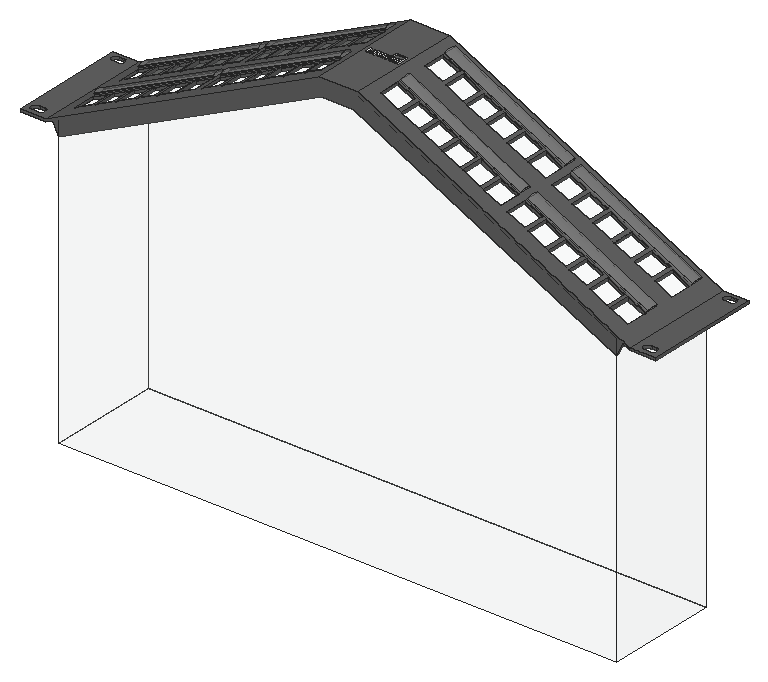
Revit family "1", category Data Devices, host Face, Revit 2018
Family settings
  Host = Face
  Maintain Annotation Orientation = Yes
  Round Connector Dimension = Use Diameter
  Part Type = Normal
  OmniClass Number = 23.85.50.17
  OmniClass Title = Communication and Data Processing Equipment
  Cut with Voids When Loaded = No
  Shared = Yes
  Room Calculation Point = No
Parameters (values of type "2RU, 48-Port, with Lens")
  z Void Offset = 0.00000"
  z Offset 2 = 0.50000"  # constant formula
  z Offset 1 = z Depth  # 0.05980"
  z 2RU with Screen = and(z Is Visible 2RU, not(Has ID Windows))  # no
  z 1RU with Screen = and(z Has 24 Ports, not(Has ID Windows))  # no
  z 1 Y Offset 5 = if(and(z Leviton Type = 222, Has ID Windows), 1.50000", 0.45000")  # 1.50000"
  z 2RU with Lens = z Leviton Type = 222  # yes
  z 1RU with Lens = z Leviton Type = 112  # no
  z Leviton Type = 222
  z Is Visible 2RU = or(z Leviton Type = 220, z Leviton Type = 221, z Leviton Type = 222)  # yes
  z Height = if(or(z Leviton Type = 220, z Leviton Type = 221, z Leviton Type = 222), 3.47500", 1.72500")  # 3.47500"
  z Has 48 Ports 1RU = z Leviton Type = 120  # no
  z Has 48 Ports = and(or(z Leviton Type = 220, z Leviton Type = 221, z Leviton Type = 222))  # yes
  z Has 24 Ports = and(or(z Leviton Type = 110, z Leviton Type = 111, z Leviton Type = 112))  # no
  z Depth = 0.05980"  # constant formula
  z 1 Y Offset 4 = if(or(z Leviton Type = 110, z Leviton Type = 111, z Leviton Type = 112), 0.16000", 18.00000")  # 18.00000"
  z 1 Y Offset 3 = if(or(z Leviton Type = 110, z Leviton Type = 111, z Leviton Type = 112), 18.00000", if(z Leviton Type = 120, 1.01910", if(or(z Leviton Type = 220, z Leviton Type = 221, z Leviton Type = 222), 2.30700", 0.00000")))  # 2.30700"
  z 1 Y Offset 2 = if(or(z Leviton Type = 110, z Leviton Type = 111, z Leviton Type = 112), 18.00000", if(z Leviton Type = 120, 1.01910", if(or(z Leviton Type = 220, z Leviton Type = 221, z Leviton Type = 222), 2.30700", 0.00000")))  # 2.30700"
  z 1 Y Offset 1 = if(or(z Leviton Type = 110, z Leviton Type = 111, z Leviton Type = 112), 0.60000", if(z Leviton Type = 120, 0.20590", if(or(z Leviton Type = 220, z Leviton Type = 221, z Leviton Type = 222), 0.63900", 0.00000")))  # 0.63900"
  Width [instance] = 19.00000"  # constant formula
  Weight [instance] = 0.00 lbf
  URL = "http://www.leviton.com/networksolutions"
  UPC Code [instance] = ""
  Type Comments = " "
  Technical Support Phone Number = "1-800-824-3005"  # constant formula
  Shielded = or(z Leviton Type = 111, z Leviton Type = 221)  # no
  Serial Number [instance] = ""
  Rack Spaces RU = 2
  Product Documentation Link = "Leviton_49256-Hxx_49256-Dxx_49256-Lxx_Angled_QuickPort_Patch_Panels.pdf"
  Port Count [instance] = 0
  Part Number [instance] = if(z Leviton Type = 110, "49256-H24", if(z Leviton Type = 112, "49256-L24", if(z Leviton Type = 220, "49256-H48", if(z Leviton Type = 222, "49256-L48", if(z Leviton Type = 120, "49256-D48", if(z Leviton Type = 111, "4S256-S24", if(z Leviton Type = 221, "4S256-S48", "ERROR")))))))  # "49256-L48"
  Part Description = Description  # "Angled QuickPort Patch Panel, 48-port, 2RU, with Mangnifying Lens"
  Original Creation Date = "July 25, 2014"  # constant formula
  Model Disclaimer = "http://www.leviton.com/BIMterms"
  Model = " "
  Manufacturer = "Leviton"  # constant formula
  Height [instance] = 4.53000"  # constant formula
  Has ID Windows = yes
  Family Version = "1.0.2"  # constant formula
  Equipment Type = ""
  Equipment Abbreviation = "QPPA"  # constant formula
  Die Cast = 0 = 1  # no
  Description = "Angled QuickPort Patch Panel, 48-port, 2RU, with Mangnifying Lens"
  Default Elevation = 24.00000"
  Date Last Modified = "September 06, 2023"  # constant formula
  Copyright = "Copyright © 2014-2015 Leviton Manufacturing Co., Inc."  # constant formula
  Channel Count [instance] = 0
  Cable Clearance is Visible [instance] = yes
  Cable Clearance [instance] = 8.50000"
  Assembly Code = "D5030600"
  Annotation Symbol is Visible = yes
  Annotation Symbol [instance] = Symbol : Data
Reference planes (in)
  plane 1 "Center (Front/Back)": y = -0.5525
  plane 2 "Mounting Surface": z = 0
  plane 3 "Center (Left/Right)": x = -0.9065
  plane 4 "Left": x = -10.4065
  plane 5 "Right": x = 8.5935
  plane 6 "Top": y = 1.185
  plane 7 "Recess": z = -0.0902
  plane 8 "Void Collector": z = -2
  plane 9 "Bottom": y = -2.29
  plane 10: y = -2.177
  plane 11: y = 0.822
  plane 12: y = 0.546
  plane 13: y = -0.124
  plane 14: y = -1.792
  plane 15: y = -1.122
  plane 16: x = -9.6565
  plane 17: x = 7.8435
  plane 18: x = -9.7183
  plane 19: x = 7.9053
  plane 20: x = -10.0615
  plane 21: x = 8.2485
  plane 22: z = -8.5
  plane 23: z = -0.5
  plane 24: z = 0.2
  plane 25: y = -2.04592
  plane 26: y = 1.072
  plane 27: y = -1.91484
  plane 28: y = 0.947
  plane 29 "Connector Host": z = 0.0598
  plane 30 "Front": z = 4.05292
  plane 31 "Upper Interior": y = 1.1103
  plane 32: through (-1.48999, -180, 4.05292) normal (0.4384, 0, -0.8988)
  plane 33: through (7.8335, -180, 0.0747) normal (-0.4384, 0, -0.8988)
  plane 34: through (-1.48999, -180, 4.05292) normal (0.4384, 0, -0.8988)
  plane 35 "Left Bank": through (-1.48999, -180, 4.05292) normal (0.4384, 0, -0.8988)
  plane 36 "Right Bank": through (7.8335, -180, 0.0747) normal (-0.4384, 0, -0.8988)
  plane 37: y = -1.122
  plane 38: y = -1.792
  plane 39: y = -1.062
  plane 40: y = -0.184
  plane 41: y = -16.815
  plane 42: y = -17.195
  plane 43: y = -2.23
  plane 44: y = 0.546
  plane 45: y = -0.124
Forms (in)
  Extrusion 1, solid, not visible, detail levels fine
    sketch origin (0, 0, 0) x (1, 0, 0) y (0, 1, 0)
      loop
        line (-10.4065, 1.5725) -> (-10.4065, -2.77319) -> (8.5935, -2.77319) -> (8.5935, 1.5725) -> (-10.4065, 1.5725)
    from 0 to -2
  Extrusion 2, void, detail levels medium+fine
    sketch origin (-18.83166, -182.13202, 0) x (0, -1, 0) y (-1, 0, 0)
      loop
        arc (-180.21718, -8.84416) -> (-180.0861, -8.97524) -> (-179.95502, -8.84416) r 0.13108
        line (-179.95502, -8.84416) -> (-179.95502, -8.69416)
        arc (-179.95502, -8.69416) -> (-180.0861, -8.56308) -> (-180.21718, -8.69416) r 0.13108
        line (-180.21718, -8.69416) -> (-180.21718, -8.84416)
      loop
        line (-180.21718, -27.00616) -> (-180.21718, -27.15616)
        arc (-180.21718, -27.15616) -> (-180.0861, -27.28724) -> (-179.95502, -27.15616) r 0.13108
        line (-179.95502, -27.15616) -> (-179.95502, -27.00616)
        arc (-179.95502, -27.00616) -> (-180.0861, -26.87508) -> (-180.21718, -27.00616) r 0.13108
      loop
        line (-180.34002, -10.18194) -> (-180.34002, -9.65794) -> (-181.01002, -9.65794) -> (-181.01002, -10.18194) -> (-180.34002, -10.18194)
      loop
        line (-180.34002, -10.79761) -> (-180.34002, -10.27361) -> (-181.01002, -10.27361) -> (-181.01002, -10.79761) -> (-180.34002, -10.79761)
      loop
        line (-180.34002, -11.41328) -> (-180.34002, -10.88929) -> (-181.01002, -10.88929) -> (-181.01002, -11.41328) -> (-180.34002, -11.41328)
      loop
        line (-180.34002, -12.02896) -> (-180.34002, -11.50496) -> (-181.01002, -11.50496) -> (-181.01002, -12.02896) -> (-180.34002, -12.02896)
      loop
        line (-180.34002, -12.64463) -> (-180.34002, -12.12063) -> (-181.01002, -12.12063) -> (-181.01002, -12.64463) -> (-180.34002, -12.64463)
      loop
        line (-180.34002, -13.26031) -> (-180.34002, -12.73631) -> (-181.01002, -12.73631) -> (-181.01002, -13.26031) -> (-180.34002, -13.26031)
      loop
        line (-180.34002, -13.97485) -> (-180.34002, -13.45085) -> (-181.01002, -13.45085) -> (-181.01002, -13.97485) -> (-180.34002, -13.97485)
      loop
        line (-180.34002, -14.59052) -> (-180.34002, -14.06652) -> (-181.01002, -14.06652) -> (-181.01002, -14.59052) -> (-180.34002, -14.59052)
      loop
        line (-180.34002, -15.20619) -> (-180.34002, -14.6822) -> (-181.01002, -14.6822) -> (-181.01002, -15.20619) -> (-180.34002, -15.20619)
      loop
        line (-180.34002, -15.82187) -> (-180.34002, -15.29787) -> (-181.01002, -15.29787) -> (-181.01002, -15.82187) -> (-180.34002, -15.82187)
      loop
        line (-180.34002, -16.43754) -> (-180.34002, -15.91355) -> (-181.01002, -15.91355) -> (-181.01002, -16.43754) -> (-180.34002, -16.43754)
      loop
        line (-180.34002, -17.05322) -> (-180.34002, -16.52922) -> (-181.01002, -16.52922) -> (-181.01002, -17.05322) -> (-180.34002, -17.05322)
      loop
        line (-180.34002, -19.3211) -> (-180.34002, -18.7971) -> (-181.01002, -18.7971) -> (-181.01002, -19.3211) -> (-180.34002, -19.3211)
      loop
        line (-180.34002, -19.93677) -> (-180.34002, -19.41278) -> (-181.01002, -19.41278) -> (-181.01002, -19.93677) -> (-180.34002, -19.93677)
      loop
        line (-180.34002, -20.55245) -> (-180.34002, -20.02845) -> (-181.01002, -20.02845) -> (-181.01002, -20.55245) -> (-180.34002, -20.55245)
      loop
        line (-180.34002, -21.16812) -> (-180.34002, -20.64412) -> (-181.01002, -20.64412) -> (-181.01002, -21.16812) -> (-180.34002, -21.16812)
      loop
        line (-180.34002, -21.7838) -> (-180.34002, -21.2598) -> (-181.01002, -21.2598) -> (-181.01002, -21.7838) -> (-180.34002, -21.7838)
      loop
        line (-180.34002, -22.39947) -> (-180.34002, -21.87547) -> (-181.01002, -21.87547) -> (-181.01002, -22.39947) -> (-180.34002, -22.39947)
      loop
        line (-180.34002, -23.11401) -> (-180.34002, -22.59001) -> (-181.01002, -22.59001) -> (-181.01002, -23.11401) -> (-180.34002, -23.11401)
      loop
        line (-180.34002, -23.72968) -> (-180.34002, -23.20569) -> (-181.01002, -23.20569) -> (-181.01002, -23.72968) -> (-180.34002, -23.72968)
      loop
        line (-180.34002, -24.34536) -> (-180.34002, -23.82136) -> (-181.01002, -23.82136) -> (-181.01002, -24.34536) -> (-180.34002, -24.34536)
      loop
        line (-180.34002, -24.96103) -> (-180.34002, -24.43704) -> (-181.01002, -24.43704) -> (-181.01002, -24.96103) -> (-180.34002, -24.96103)
      loop
        line (-180.34002, -25.57671) -> (-180.34002, -25.05271) -> (-181.01002, -25.05271) -> (-181.01002, -25.57671) -> (-180.34002, -25.57671)
      loop
        line (-180.34002, -26.19238) -> (-180.34002, -25.66838) -> (-181.01002, -25.66838) -> (-181.01002, -26.19238) -> (-180.34002, -26.19238)
    from 0.0902 to -5.3247
  Extrusion 3, void, detail levels medium+fine
    sketch origin (-18.83166, -181.20301, 0) x (0, -1, 0) y (-1, 0, 0)
      loop
        arc (-182.27501, -8.84416) -> (-182.15001, -8.96916) -> (-182.02501, -8.84416) r 0.125
        line (-182.02501, -8.84416) -> (-182.02501, -8.69416)
        arc (-182.02501, -8.69416) -> (-182.15001, -8.56916) -> (-182.27501, -8.69416) r 0.125
        line (-182.27501, -8.69416) -> (-182.27501, -8.84416)
      loop
        line (-182.27501, -27.00616) -> (-182.27501, -27.15616)
        arc (-182.27501, -27.15616) -> (-182.15001, -27.28116) -> (-182.02501, -27.15616) r 0.125
        line (-182.02501, -27.15616) -> (-182.02501, -27.00616)
        arc (-182.02501, -27.00616) -> (-182.15001, -26.88116) -> (-182.27501, -27.00616) r 0.125
      loop
        line (-181.74901, -10.18194) -> (-181.07901, -10.18194) -> (-181.07901, -9.65794) -> (-181.74901, -9.65794) -> (-181.74901, -10.18194)
      loop
        line (-181.74901, -10.79761) -> (-181.07901, -10.79761) -> (-181.07901, -10.27361) -> (-181.74901, -10.27361) -> (-181.74901, -10.79761)
      loop
        line (-181.74901, -11.41328) -> (-181.07901, -11.41328) -> (-181.07901, -10.88929) -> (-181.74901, -10.88929) -> (-181.74901, -11.41328)
      loop
        line (-181.74901, -12.02896) -> (-181.07901, -12.02896) -> (-181.07901, -11.50496) -> (-181.74901, -11.50496) -> (-181.74901, -12.02896)
      loop
        line (-181.74901, -12.64463) -> (-181.07901, -12.64463) -> (-181.07901, -12.12063) -> (-181.74901, -12.12063) -> (-181.74901, -12.64463)
      loop
        line (-181.74901, -13.26031) -> (-181.07901, -13.26031) -> (-181.07901, -12.73631) -> (-181.74901, -12.73631) -> (-181.74901, -13.26031)
      loop
        line (-181.74901, -13.97485) -> (-181.07901, -13.97485) -> (-181.07901, -13.45085) -> (-181.74901, -13.45085) -> (-181.74901, -13.97485)
      loop
        line (-181.74901, -14.59052) -> (-181.07901, -14.59052) -> (-181.07901, -14.06652) -> (-181.74901, -14.06652) -> (-181.74901, -14.59052)
      loop
        line (-181.74901, -15.20619) -> (-181.07901, -15.20619) -> (-181.07901, -14.6822) -> (-181.74901, -14.6822) -> (-181.74901, -15.20619)
      loop
        line (-181.74901, -15.82187) -> (-181.07901, -15.82187) -> (-181.07901, -15.29787) -> (-181.74901, -15.29787) -> (-181.74901, -15.82187)
      loop
        line (-181.74901, -16.43754) -> (-181.07901, -16.43754) -> (-181.07901, -15.91355) -> (-181.74901, -15.91355) -> (-181.74901, -16.43754)
      loop
        line (-181.74901, -17.05322) -> (-181.07901, -17.05322) -> (-181.07901, -16.52922) -> (-181.74901, -16.52922) -> (-181.74901, -17.05322)
      loop
        line (-181.74901, -19.3211) -> (-181.07901, -19.3211) -> (-181.07901, -18.7971) -> (-181.74901, -18.7971) -> (-181.74901, -19.3211)
      loop
        line (-181.74901, -19.93677) -> (-181.07901, -19.93677) -> (-181.07901, -19.41278) -> (-181.74901, -19.41278) -> (-181.74901, -19.93677)
      loop
        line (-181.74901, -20.55245) -> (-181.07901, -20.55245) -> (-181.07901, -20.02845) -> (-181.74901, -20.02845) -> (-181.74901, -20.55245)
      loop
        line (-181.74901, -21.16812) -> (-181.07901, -21.16812) -> (-181.07901, -20.64412) -> (-181.74901, -20.64412) -> (-181.74901, -21.16812)
      loop
        line (-181.74901, -21.7838) -> (-181.07901, -21.7838) -> (-181.07901, -21.2598) -> (-181.74901, -21.2598) -> (-181.74901, -21.7838)
      loop
        line (-181.74901, -22.39947) -> (-181.07901, -22.39947) -> (-181.07901, -21.87547) -> (-181.74901, -21.87547) -> (-181.74901, -22.39947)
      loop
        line (-181.74901, -23.11401) -> (-181.07901, -23.11401) -> (-181.07901, -22.59001) -> (-181.74901, -22.59001) -> (-181.74901, -23.11401)
      loop
        line (-181.74901, -23.72968) -> (-181.07901, -23.72968) -> (-181.07901, -23.20569) -> (-181.74901, -23.20569) -> (-181.74901, -23.72968)
      loop
        line (-181.74901, -24.34536) -> (-181.07901, -24.34536) -> (-181.07901, -23.82136) -> (-181.74901, -23.82136) -> (-181.74901, -24.34536)
      loop
        line (-181.74901, -24.96103) -> (-181.07901, -24.96103) -> (-181.07901, -24.43704) -> (-181.74901, -24.43704) -> (-181.74901, -24.96103)
      loop
        line (-181.74901, -25.57671) -> (-181.07901, -25.57671) -> (-181.07901, -25.05271) -> (-181.74901, -25.05271) -> (-181.74901, -25.57671)
      loop
        line (-181.74901, -26.19238) -> (-181.07901, -26.19238) -> (-181.07901, -25.66838) -> (-181.74901, -25.66838) -> (-181.74901, -26.19238)
    from 0.0902 to -4.25
  Extrusion 4, solid, material "Steel - Leviton - Powdercoat - Black"
    sketch origin (0, -2.29, 0) x (-1, 0, 0) y (0, 0, 1)
      loop
        line (9.6465, 0.0747) -> (1.48999, 4.05292) -> (0.32301, 4.05292) -> (-7.8335, 0.0747) -> (-8.5935, 0.0747) -> (-8.5935, 0) -> (-7.81625, 0) -> (-7.62099, 0.09523) -> (-7.43456, -0.28702) -> (0.43849, 3.55292) -> (1.37451, 3.55292) -> (9.24756, -0.28702) -> (9.43399, 0.09523) -> (9.62925, 0) -> (10.4065, 0) -> (10.4065, 0.0747) -> (9.6465, 0.0747)
    from 3.475 to 0
  Extrusion 5, void
    sketch origin (0, -0.4653, 0) x (-1, 0, 0) y (0, 0, 1)
      loop
        line (1.46321, 3.98287) -> (0.34979, 3.98287) -> (-7.62099, 0.09523) -> (-7.40825, -0.34095) -> (0.45235, 3.49292) -> (1.36066, 3.49292) -> (9.22125, -0.34095) -> (9.43399, 0.09523) -> (1.46321, 3.98287)
    from 1.5756 to -1.7647
  Extrusion 6, solid, material "Snap Locations - Leviton - Invisible"
    sketch origin (0, 0.0165, 0) x (-1, 0, 0) y (0, 0, 1)
      loop
        line (9.17372, 0.30529) -> (5.57135, 2.06229) -> (5.53861, 1.99515) -> (9.14097, 0.23815) -> (9.17372, 0.30529)
      loop
        line (5.38081, 2.15523) -> (1.77844, 3.91223) -> (1.7457, 3.84509) -> (5.34806, 2.08809) -> (5.38081, 2.15523)
      loop
        line (-7.36072, 0.30529) -> (-7.32797, 0.23815) -> (-3.72561, 1.99515) -> (-3.75835, 2.06229) -> (-7.36072, 0.30529)
      loop
        line (-3.56781, 2.15523) -> (-3.53506, 2.08809) -> (0.0673, 3.84509) -> (0.03456, 3.91223) -> (-3.56781, 2.15523)
    from -0.1405 to 0.5295
  Extrusion 7, solid, material "Snap Locations - Leviton - Invisible", visible <- "z Is Visible 2RU"
    sketch origin (0, -1.6415, 0) x (-1, 0, 0) y (0, 0, 1)
      loop
        line (9.17372, 0.30529) -> (5.57135, 2.06229) -> (5.53861, 1.99515) -> (9.14097, 0.23815) -> (9.17372, 0.30529)
      loop
        line (5.38081, 2.15523) -> (1.77844, 3.91223) -> (1.7457, 3.84509) -> (5.34806, 2.08809) -> (5.38081, 2.15523)
      loop
        line (-7.36072, 0.30529) -> (-7.32797, 0.23815) -> (-3.72561, 1.99515) -> (-3.75835, 2.06229) -> (-7.36072, 0.30529)
      loop
        line (-3.56781, 2.15523) -> (-3.53506, 2.08809) -> (0.0673, 3.84509) -> (0.03456, 3.91223) -> (-3.56781, 2.15523)
    from 0.5195 to -0.1505
  Extrusion 8, solid, material "Clearance Areas - Leviton", visible <- "Cable Clearance is Visible"
    sketch origin (0, -0.4653, 0) x (-1, 0, 0) y (0, 0, 1)
      loop
        line (9.2665, -8.5) -> (9.2665, 0.17693) -> (1.45903, 3.98487) -> (0.35397, 3.98487) -> (-7.4535, 0.17693) -> (-7.4535, -8.5) -> (9.2665, -8.5)
    from 1.5373 to -1.8247
  Extrusion 9, solid, material "Snap Locations - Leviton - Invisible", visible <- "z Is Visible 2RU"
    sketch origin (0, -0.6797, 0) x (-1, 0, 0) y (0, 0, 1)
      loop
        line (9.17372, 0.30529) -> (5.57135, 2.06229) -> (5.53861, 1.99515) -> (9.14097, 0.23815) -> (9.17372, 0.30529)
      loop
        line (5.38081, 2.15523) -> (1.77844, 3.91223) -> (1.7457, 3.84509) -> (5.34806, 2.08809) -> (5.38081, 2.15523)
      loop
        line (-7.36072, 0.30529) -> (-7.32797, 0.23815) -> (-3.72561, 1.99515) -> (-3.75835, 2.06229) -> (-7.36072, 0.30529)
      loop
        line (-3.56781, 2.15523) -> (-3.53506, 2.08809) -> (0.0673, 3.84509) -> (0.03456, 3.91223) -> (-3.56781, 2.15523)
    from -0.4423 to -1.1123
  Extrusion 10, solid, material "Plastic - Leviton - White", visible <- "z 2RU with Screen"
    sketch origin (0, -2.29, 0) x (-1, 0, 0) y (0, 0, 1)
      loop
        line (8.63657, 0.5339) -> (9.16057, 0.27833) -> (9.17591, 0.30978) -> (8.65192, 0.56536) -> (8.63657, 0.5339)
      loop
        line (8.0209, 0.83418) -> (8.5449, 0.57861) -> (8.56024, 0.61007) -> (8.03624, 0.86564) -> (8.0209, 0.83418)
      loop
        line (7.40522, 1.13447) -> (7.92922, 0.8789) -> (7.94456, 0.91036) -> (7.42057, 1.16593) -> (7.40522, 1.13447)
      loop
        line (6.78955, 1.43476) -> (7.31355, 1.17918) -> (7.32889, 1.21064) -> (6.80489, 1.46621) -> (6.78955, 1.43476)
      loop
        line (6.17388, 1.73504) -> (6.69787, 1.47947) -> (6.71322, 1.51093) -> (6.18922, 1.7665) -> (6.17388, 1.73504)
      loop
        line (5.5582, 2.03533) -> (6.0822, 1.77976) -> (6.09754, 1.81121) -> (5.57355, 2.06679) -> (5.5582, 2.03533)
      loop
        line (4.84366, 2.38384) -> (5.36766, 2.12826) -> (5.383, 2.15972) -> (4.859, 2.41529) -> (4.84366, 2.38384)
      loop
        line (4.22799, 2.68412) -> (4.75199, 2.42855) -> (4.76733, 2.46001) -> (4.24333, 2.71558) -> (4.22799, 2.68412)
      loop
        line (3.61231, 2.98441) -> (4.13631, 2.72884) -> (4.15165, 2.76029) -> (3.62766, 3.01587) -> (3.61231, 2.98441)
      loop
        line (2.99664, 3.28469) -> (3.52064, 3.02912) -> (3.53598, 3.06058) -> (3.01198, 3.31615) -> (2.99664, 3.28469)
      loop
        line (2.38097, 3.58498) -> (2.90496, 3.32941) -> (2.92031, 3.36087) -> (2.39631, 3.61644) -> (2.38097, 3.58498)
      loop
        line (1.76529, 3.88527) -> (2.28929, 3.62969) -> (2.30463, 3.66115) -> (1.78063, 3.91672) -> (1.76529, 3.88527)
      loop
        line (-6.82357, 0.5339) -> (-6.83892, 0.56536) -> (-7.36291, 0.30978) -> (-7.34757, 0.27833) -> (-6.82357, 0.5339)
      loop
        line (-6.2079, 0.83418) -> (-6.22324, 0.86564) -> (-6.74724, 0.61007) -> (-6.7319, 0.57861) -> (-6.2079, 0.83418)
      loop
        line (-5.59222, 1.13447) -> (-5.60757, 1.16593) -> (-6.13156, 0.91036) -> (-6.11622, 0.8789) -> (-5.59222, 1.13447)
      loop
        line (-4.97655, 1.43476) -> (-4.99189, 1.46621) -> (-5.51589, 1.21064) -> (-5.50055, 1.17918) -> (-4.97655, 1.43476)
      loop
        line (-4.36088, 1.73504) -> (-4.37622, 1.7665) -> (-4.90022, 1.51093) -> (-4.88487, 1.47947) -> (-4.36088, 1.73504)
      loop
        line (-3.7452, 2.03533) -> (-3.76055, 2.06679) -> (-4.28454, 1.81121) -> (-4.2692, 1.77976) -> (-3.7452, 2.03533)
      loop
        line (-3.03066, 2.38384) -> (-3.046, 2.41529) -> (-3.57, 2.15972) -> (-3.55466, 2.12826) -> (-3.03066, 2.38384)
      loop
        line (-2.41499, 2.68412) -> (-2.43033, 2.71558) -> (-2.95433, 2.46001) -> (-2.93898, 2.42855) -> (-2.41499, 2.68412)
      loop
        line (-1.79931, 2.98441) -> (-1.81466, 3.01587) -> (-2.33865, 2.76029) -> (-2.32331, 2.72884) -> (-1.79931, 2.98441)
      loop
        line (-1.18364, 3.28469) -> (-1.19898, 3.31615) -> (-1.72298, 3.06058) -> (-1.70764, 3.02912) -> (-1.18364, 3.28469)
      loop
        line (-0.56797, 3.58498) -> (-0.58331, 3.61644) -> (-1.10731, 3.36087) -> (-1.09196, 3.32941) -> (-0.56797, 3.58498)
      loop
        line (0.04771, 3.88527) -> (0.03237, 3.91672) -> (-0.49163, 3.66115) -> (-0.47629, 3.62969) -> (0.04771, 3.88527)
    from 2.106 to 1.228
  Extrusion 11, void
    sketch origin (0, 0, 4.05292) x (-1, 0, 0) y (0, -1, 0)
      loop
        line (9.3775, 0.5605) -> (9.3775, 0.6855) -> (-7.6225, 0.6855) -> (-7.6225, 0.5605) -> (9.3775, 0.5605)
    from 0 to -4.55292
  Extrusion 12, solid, material "Plastic - Leviton - White", visible <- "z 1RU with Screen"
    sketch origin (0, -4.5821, 0) x (-1, 0, 0) y (0, 0, 1)
      loop
        line (8.63657, 0.5339) -> (9.16057, 0.27833) -> (9.17591, 0.30978) -> (8.65192, 0.56536) -> (8.63657, 0.5339)
      loop
        line (8.0209, 0.83418) -> (8.5449, 0.57861) -> (8.56024, 0.61007) -> (8.03624, 0.86564) -> (8.0209, 0.83418)
      loop
        line (7.40522, 1.13447) -> (7.92922, 0.8789) -> (7.94456, 0.91036) -> (7.42057, 1.16593) -> (7.40522, 1.13447)
      loop
        line (6.78955, 1.43476) -> (7.31355, 1.17918) -> (7.32889, 1.21064) -> (6.80489, 1.46621) -> (6.78955, 1.43476)
      loop
        line (6.17388, 1.73504) -> (6.69787, 1.47947) -> (6.71322, 1.51093) -> (6.18922, 1.7665) -> (6.17388, 1.73504)
      loop
        line (5.5582, 2.03533) -> (6.0822, 1.77976) -> (6.09754, 1.81121) -> (5.57355, 2.06679) -> (5.5582, 2.03533)
      loop
        line (4.84366, 2.38384) -> (5.36766, 2.12826) -> (5.383, 2.15972) -> (4.859, 2.41529) -> (4.84366, 2.38384)
      loop
        line (4.22799, 2.68412) -> (4.75199, 2.42855) -> (4.76733, 2.46001) -> (4.24333, 2.71558) -> (4.22799, 2.68412)
      loop
        line (3.61231, 2.98441) -> (4.13631, 2.72884) -> (4.15165, 2.76029) -> (3.62766, 3.01587) -> (3.61231, 2.98441)
      loop
        line (2.99664, 3.28469) -> (3.52064, 3.02912) -> (3.53598, 3.06058) -> (3.01198, 3.31615) -> (2.99664, 3.28469)
      loop
        line (2.38097, 3.58498) -> (2.90496, 3.32941) -> (2.92031, 3.36087) -> (2.39631, 3.61644) -> (2.38097, 3.58498)
      loop
        line (1.76529, 3.88527) -> (2.28929, 3.62969) -> (2.30463, 3.66115) -> (1.78063, 3.91672) -> (1.76529, 3.88527)
      loop
        line (-6.82357, 0.5339) -> (-6.83892, 0.56536) -> (-7.36291, 0.30978) -> (-7.34757, 0.27833) -> (-6.82357, 0.5339)
      loop
        line (-6.2079, 0.83418) -> (-6.22324, 0.86564) -> (-6.74724, 0.61007) -> (-6.7319, 0.57861) -> (-6.2079, 0.83418)
      loop
        line (-5.59222, 1.13447) -> (-5.60757, 1.16593) -> (-6.13156, 0.91036) -> (-6.11622, 0.8789) -> (-5.59222, 1.13447)
      loop
        line (-4.97655, 1.43476) -> (-4.99189, 1.46621) -> (-5.51589, 1.21064) -> (-5.50055, 1.17918) -> (-4.97655, 1.43476)
      loop
        line (-4.36088, 1.73504) -> (-4.37622, 1.7665) -> (-4.90022, 1.51093) -> (-4.88487, 1.47947) -> (-4.36088, 1.73504)
      loop
        line (-3.7452, 2.03533) -> (-3.76055, 2.06679) -> (-4.28454, 1.81121) -> (-4.2692, 1.77976) -> (-3.7452, 2.03533)
      loop
        line (-3.03066, 2.38384) -> (-3.046, 2.41529) -> (-3.57, 2.15972) -> (-3.55466, 2.12826) -> (-3.03066, 2.38384)
      loop
        line (-2.41499, 2.68412) -> (-2.43033, 2.71558) -> (-2.95433, 2.46001) -> (-2.93898, 2.42855) -> (-2.41499, 2.68412)
      loop
        line (-1.79931, 2.98441) -> (-1.81466, 3.01587) -> (-2.33865, 2.76029) -> (-2.32331, 2.72884) -> (-1.79931, 2.98441)
      loop
        line (-1.18364, 3.28469) -> (-1.19898, 3.31615) -> (-1.72298, 3.06058) -> (-1.70764, 3.02912) -> (-1.18364, 3.28469)
      loop
        line (-0.56797, 3.58498) -> (-0.58331, 3.61644) -> (-1.10731, 3.36087) -> (-1.09196, 3.32941) -> (-0.56797, 3.58498)
      loop
        line (0.04771, 3.88527) -> (0.03237, 3.91672) -> (-0.49163, 3.66115) -> (-0.47629, 3.62969) -> (0.04771, 3.88527)
    from -12.2329 to -12.6129
  Sweep 13, solid, material "Plastic - Leviton - Clear", visible <- "z 1RU with Lens"
    path origin (0, -2.29, 0) x (-1, 0, 0) y (0, 0, 1)
      loop
        line (-7.36072, 0.30529) -> (0.32301, 4.05292) -> (1.48999, 4.05292) -> (9.17372, 0.30529)
    profile origin (-0.9065, -2.29, 4.05292) x (0, 0, -1) y (0, 1, 0)
      loop
        line (0, 1.565) -> (-0.05109, 1.565)
        arc (-0.05109, 1.565) -> (-0.10464, 1.375) -> (-0.05109, 1.185) r 0.3638
        line (-0.05109, 1.185) -> (0, 1.185) -> (0, 1.565)
  Extrusion 14, void
    sketch origin (0, -2.29, 0) x (-1, 0, 0) y (0, 0, 1)
      loop
        line (1.48999, 4.05292) -> (1.77844, 3.91223) -> (1.90995, 4.18187) -> (1.55925, 4.35292) -> (0.25375, 4.35292) -> (-0.09695, 4.18187) -> (0.03456, 3.91223) -> (0.32301, 4.05292) -> (1.48999, 4.05292)
      loop
        line (-3.75835, 2.06229) -> (-3.56781, 2.15523) -> (-3.7003, 2.42687) -> (-3.89085, 2.33394) -> (-3.75835, 2.06229)
      loop
        line (5.70287, 2.33193) -> (5.51232, 2.42487) -> (5.38081, 2.15523) -> (5.57135, 2.06229) -> (5.70287, 2.33193)
    from 3.475 to 0
  Sweep 15, solid, material "Plastic - Leviton - Clear", visible <- "z 2RU with Lens"
    path origin (0, -2.29, 0) x (-1, 0, 0) y (0, 0, 1)
      loop
        line (-7.36072, 0.30529) -> (0.32301, 4.05292) -> (1.48999, 4.05292) -> (9.17372, 0.30529)
    profile origin (-0.9065, -2.29, 4.05292) x (0, 0, -1) y (0, 1, 0)
      loop
        line (0, 1.608) -> (-0.05109, 1.608)
        arc (-0.05109, 1.608) -> (-0.10464, 1.418) -> (-0.05109, 1.228) r 0.3638
        line (-0.05109, 1.228) -> (0, 1.228) -> (0, 1.608)
      loop
        line (0, 3.276) -> (-0.05109, 3.276)
        arc (-0.05109, 3.276) -> (-0.10464, 3.086) -> (-0.05109, 2.896) r 0.3638
        line (-0.05109, 2.896) -> (0, 2.896) -> (0, 3.276)
Cuts and joins
  Extrusion 2, Extrusion 3, Extrusion 5 cuts Extrusion 4
  Extrusion 11 cuts Extrusion 10
  Extrusion 14 cuts Sweep 15
  Extrusion 14 cuts Sweep 13
Lines and regions (in)
  Masking region 1, detail levels coarse+medium
    outline origin (-10.4065, 0, 0) x (0, -1, 0) y (0, 0, 1)
      loop
        line (2.29, -0.5) -> (2.29, 0.3598) -> (-1.185, 0.3598) -> (-1.185, -0.5) -> (2.29, -0.5)
  Masking region 2
    outline origin (8.5935, 0, 0) x (0, -1, 0) y (0, 0, 1)
      loop
        line (2.29, 0.3598) -> (-1.185, 0.3598) -> (-1.185, -0.5) -> (2.29, -0.5) -> (2.29, 0.3598)
  Masking region 3
    outline origin (0, 1.185, 0) x (1, 0, 0) y (0, 0, 1)
      loop
        line (7.43456, -0.28702) -> (7.62099, 0.09523) -> (7.81625, 0) -> (8.5935, 0) -> (8.5935, 0.0747) -> (7.8335, 0.0747) -> (-0.32301, 4.05292) -> (-1.48999, 4.05292) -> (-9.6465, 0.0747) -> (-10.4065, 0.0747) -> (-10.4065, 0) -> (-9.62925, 0) -> (-9.43399, 0.09523) -> (-9.24756, -0.28702) -> (-1.37451, 3.55292) -> (-0.43849, 3.55292) -> (7.43456, -0.28702)
  Masking region 4
    outline origin (0, -2.29, 0) x (-1, 0, 0) y (0, 0, 1)
      loop
        line (9.24756, -0.28702) -> (9.43399, 0.09523) -> (9.62925, 0) -> (10.4065, 0) -> (10.4065, 0.0747) -> (9.6465, 0.0747) -> (1.48999, 4.05292) -> (0.32301, 4.05292) -> (-7.8335, 0.0747) -> (-8.5935, 0.0747) -> (-8.5935, 0) -> (-7.81625, 0) -> (-7.62099, 0.09523) -> (-7.43456, -0.28702) -> (0.43849, 3.55292) -> (1.37451, 3.55292) -> (9.24756, -0.28702)
  symbolic lines
    curve 1: line (8.5935, -2.29, 0.3598) -> (8.5935, 1.185, 0.3598)
    curve 2: line (8.5935, -2.29, 0) -> (8.5935, -2.29, 0.3598)
    curve 3: line (8.5935, 1.185, 0) -> (8.5935, -2.29, 0)
    curve 4: line (8.5935, 1.185, 0.3598) -> (8.5935, 1.185, 0)
    curve 5: line (-10.4065, 1.185, 0) -> (-10.4065, -2.29, 0)
    curve 6: line (-10.4065, 1.185, -0.5) -> (-10.4065, 1.185, 0)
    curve 7: line (-10.4065, -2.29, -0.5) -> (-10.4065, 1.185, -0.5)
    curve 8: line (-10.4065, -2.29, 0) -> (-10.4065, -2.29, -0.5)
  reference lines
    curve 9: line (-8.91172, 0.9791, 0.43308) -> (-8.91172, -2.2571, 0.43308)
    curve 10: line (-7.68037, 0.9791, 1.03365) -> (-7.68037, -2.2571, 1.03365)
    curve 11: line (-7.0647, 0.9791, 1.33394) -> (-7.0647, -2.2571, 1.33394)
    curve 12: line (-5.83335, 0.9791, 1.93451) -> (-5.83335, -2.2571, 1.93451)
    curve 13: line (-5.11881, 0.9791, 2.28301) -> (-5.11881, -2.2571, 2.28301)
    curve 14: line (-4.50314, 0.9791, 2.5833) -> (-4.50314, -2.2571, 2.5833)
    curve 15: line (-3.88746, 0.9791, 2.88359) -> (-3.88746, -2.2571, 2.88359)
    curve 16: line (-3.27179, 0.9791, 3.18387) -> (-3.27179, -2.2571, 3.18387)
    curve 17: line (-2.65611, 0.9791, 3.48416) -> (-2.65611, -2.2571, 3.48416)
    curve 18: line (-2.04044, 0.9791, 3.78444) -> (-2.04044, -2.2571, 3.78444)
    curve 19: line (-8.29605, 0.9791, 0.73336) -> (-8.29605, -2.2571, 0.73336)
    curve 20: line (-6.44902, 0.9791, 1.63422) -> (-6.44902, -2.2571, 1.63422)
    curve 21: line (7.09872, 0.9791, 0.43308) -> (7.09872, -2.2571, 0.43308)
    curve 22: line (5.86737, 0.9791, 1.03365) -> (5.86737, -2.2571, 1.03365)
    curve 23: line (5.2517, 0.9791, 1.33394) -> (5.2517, -2.2571, 1.33394)
    curve 24: line (4.02035, 0.9791, 1.93451) -> (4.02035, -2.2571, 1.93451)
    curve 25: line (3.30581, 0.9791, 2.28301) -> (3.30581, -2.2571, 2.28301)
    curve 26: line (2.69014, 0.9791, 2.5833) -> (2.69014, -2.2571, 2.5833)
    curve 27: line (2.07446, 0.9791, 2.88359) -> (2.07446, -2.2571, 2.88359)
    curve 28: line (1.45879, 0.9791, 3.18387) -> (1.45879, -2.2571, 3.18387)
    curve 29: line (0.84311, 0.9791, 3.48416) -> (0.84311, -2.2571, 3.48416)
    curve 30: line (0.22744, 0.9791, 3.78444) -> (0.22744, -2.2571, 3.78444)
    curve 31: line (6.48305, 0.9791, 0.73336) -> (6.48305, -2.2571, 0.73336)
    curve 32: line (4.63602, 0.9791, 1.63422) -> (4.63602, -2.2571, 1.63422)
  symbolic lines, style "Patch Panels"
    curve 33: line (7.43456, 1.185, -0.28702) -> (-0.43849, 1.185, 3.55292)
    curve 34: line (-0.43849, 1.185, 3.55292) -> (-1.37451, 1.185, 3.55292)
    curve 35: line (-1.37451, 1.185, 3.55292) -> (-9.24756, 1.185, -0.28702)
    curve 36: line (-9.24756, 1.185, -0.28702) -> (-9.43399, 1.185, 0.09523)
    curve 37: line (-9.43399, 1.185, 0.09523) -> (-9.62925, 1.185, 0)
    curve 38: line (-9.62925, 1.185, 0) -> (-10.4065, 1.185, 0)
    curve 39: line (-10.4065, 1.185, 0) -> (-10.4065, 1.185, 0.0747)
    curve 40: line (-10.4065, 1.185, 0.0747) -> (-9.6465, 1.185, 0.0747)
    curve 41: line (-9.6465, 1.185, 0.0747) -> (-1.48999, 1.185, 4.05292)
    curve 42: line (-1.48999, 1.185, 4.05292) -> (-0.32301, 1.185, 4.05292)
    curve 43: line (-0.32301, 1.185, 4.05292) -> (7.8335, 1.185, 0.0747)
    curve 44: line (7.8335, 1.185, 0.0747) -> (8.5935, 1.185, 0.0747)
    curve 45: line (8.5935, 1.185, 0.0747) -> (8.5935, 1.185, 0)
    curve 46: line (8.5935, 1.185, 0) -> (7.81625, 1.185, 0)
    curve 47: line (7.81625, 1.185, 0) -> (7.62099, 1.185, 0.09523)
    curve 48: line (7.62099, 1.185, 0.09523) -> (7.43456, 1.185, -0.28702)
    curve 49: line (-9.24756, -2.29, -0.28702) -> (-1.37451, -2.29, 3.55292)
    curve 50: line (-1.37451, -2.29, 3.55292) -> (-0.43849, -2.29, 3.55292)
    curve 51: line (-0.43849, -2.29, 3.55292) -> (7.43456, -2.29, -0.28702)
    curve 52: line (7.43456, -2.29, -0.28702) -> (7.62099, -2.29, 0.09523)
    curve 53: line (7.62099, -2.29, 0.09523) -> (7.81625, -2.29, 0)
    curve 54: line (7.81625, -2.29, 0) -> (8.5935, -2.29, 0)
    curve 55: line (8.5935, -2.29, 0) -> (8.5935, -2.29, 0.0747)
    curve 56: line (8.5935, -2.29, 0.0747) -> (7.8335, -2.29, 0.0747)
    curve 57: line (7.8335, -2.29, 0.0747) -> (-0.32301, -2.29, 4.05292)
    curve 58: line (-0.32301, -2.29, 4.05292) -> (-1.48999, -2.29, 4.05292)
    curve 59: line (-1.48999, -2.29, 4.05292) -> (-9.6465, -2.29, 0.0747)
    curve 60: line (-9.6465, -2.29, 0.0747) -> (-10.4065, -2.29, 0.0747)
    curve 61: line (-10.4065, -2.29, 0.0747) -> (-10.4065, -2.29, 0)
    curve 62: line (-10.4065, -2.29, 0) -> (-9.62925, -2.29, 0)
    curve 63: line (-9.62925, -2.29, 0) -> (-9.43399, -2.29, 0.09523)
    curve 64: line (-9.43399, -2.29, 0.09523) -> (-9.24756, -2.29, -0.28702)
  reference lines, visible <- "z Has 24 Ports"
    curve 65: line (-1.77844, 1.125, 3.91223) -> (-9.17372, 1.125, 0.30529)
    curve 70: line (-0.03456, 1.125, 3.91223) -> (7.36072, 1.125, 0.30529)
  reference lines, visible <- "z Has 48 Ports 1RU"
    curve 66: line (-9.17372, 0.6441, 0.30529) -> (-1.77844, 0.6441, 3.91223)
    curve 67: line (-9.17372, -1.9191, 0.30529) -> (-1.77844, -1.9191, 3.91223)
    curve 72: line (7.36072, -1.9191, 0.30529) -> (-0.03456, -1.9191, 3.91223)
  reference lines, visible <- "z Has 48 Ports"
    curve 68: line (-9.17372, 0.211, 0.30529) -> (-1.77844, 0.211, 3.91223)
    curve 69: line (-9.17372, -1.457, 0.30529) -> (-1.77844, -1.457, 3.91223)
    curve 71: line (7.36072, 0.6441, 0.30529) -> (-0.03456, 0.6441, 3.91223)
    curve 73: line (7.36072, 0.211, 0.30529) -> (-0.03456, 0.211, 3.91223)
    curve 74: line (7.36072, -1.457, 0.30529) -> (-0.03456, -1.457, 3.91223)
Dimensions and locks (in)
  equal spacing: plane 4 "Left", plane 3 "Center (Left/Right)", plane 5 "Right"
  locked: level to plane 8 "Void Collector" at 2
  "z Height": plane 9 "Bottom" to plane 6 "Top"
  "Width": plane 4 "Left" to plane 5 "Right"
  Extrusion 2 sketch curve to Extrusion 2 sketch curve = 0.26216"
  locked: plane 11 to plane 6 "Top" at 0.363
  locked: plane 27 to plane 9 "Bottom" at 0.37516
  equal spacing: plane 9 "Bottom", plane 1 "Center (Front/Back)", plane 6 "Top"
  "z 1 Y Offset 1": plane 12 to plane 6 "Top"
  plane 12 to plane 13 = 0.67000"
  "z 1 Y Offset 2": plane 15 to plane 6 "Top"
  equal spacing: plane 17, plane 3 "Center (Left/Right)", plane 16
  locked: plane 17 to plane 16 at 17.5
  plane 2 "Mounting Surface" to plane 8 "Void Collector" = 2.00000"
  equal spacing: plane 19, plane 3 "Center (Left/Right)", plane 18
  locked: plane 19 to plane 18 at 17.6236
  equal spacing: plane 20, plane 3 "Center (Left/Right)", plane 21
  locked: plane 20 to plane 21 at 18.31
  "Cable Clearance": plane 2 "Mounting Surface" to plane 22
  locked: plane 24 to plane 2 "Mounting Surface" at 0.2
  locked: plane 26 to plane 11 at 0.25
  locked: plane 27 to plane 10 at 0.26216
  equal spacing: plane 27, plane 25, plane 10
  equal spacing: plane 26, plane 28, plane 11
  "z Offset 1": plane 29 "Connector Host" to plane 2 "Mounting Surface"
  "z Offset 2": plane 2 "Mounting Surface" to plane 23
  locked: plane 30 "Front" to plane 2 "Mounting Surface" at 4.05292
  plane 30 "Front" to Extrusion 5 sketch curve = 0.07005"
  cut or joined group of Extrusion 2, Extrusion 3, Extrusion 4, Extrusion 5 to Extrusion 6 sketch curve = 0.00000"
  Extrusion 6 sketch curve to Extrusion 6 sketch curve = 0.07470"
  Extrusion 7 sketch curve to Extrusion 7 sketch curve = 0.07470"
  locked: plane 37 to plane 38 at 0.67
  Extrusion 9 sketch curve to Extrusion 9 sketch curve = 0.07470"
  plane 15 to plane 14 = 0.67000"
  curve 65 to plane 6 "Top" = 0.06000"
  curve 67 to curve 66 to plane 6 "Top" = 2.56320", 0.54090" locked
  "z 1 Y Offset 3": plane 6 "Top" to plane 37
  locked: nested 2 to plane 1 "Center (Front/Back)" at 0.08308
  locked: plane 31 "Upper Interior" to plane 6 "Top" at 0.0747
  locked: plane 39 to plane 37 at 0.06
  locked: plane 39 to plane 40 at 0.878
  plane 40 to Extrusion 11 sketch curve to Extrusion 11 sketch curve = 0.37650" locked, 0.12500" locked
  locked: nested 1 to plane 1 "Center (Front/Back)" at 0.15
  locked: plane 41 to plane 42 at 0.38
  "z 1 Y Offset 4": plane 6 "Top" to plane 41
  locked: Extrusion 12 sketch curve to Extrusion 12 sketch curve at 0.035
  Extrusion 12 sketch curve to Extrusion 12 sketch curve = 0.03500"
  locked: plane 43 to plane 9 "Bottom" at 0.06
  "z 1 Y Offset 1": plane 44 to plane 6 "Top"
  locked: plane 45 to plane 44 at 0.67
  plane 37 to curve 74 = 0.33500"
  locked: curve 73 to plane 44 at 0.335
  "z 1 Y Offset 5": nested 4 to plane 6 "Top"
  "z 1 Y Offset 5": nested 6 to plane 6 "Top"
  locked: Sweep 15 sketch curve to plane 39 at 0.38
  locked: Sweep 15 sketch curve to plane 44 at 0.06
  locked: Sweep 15 sketch curve to Sweep 15 sketch curve at 0.38
  locked: plane 30 "Front" to Sweep 15 sketch curve at 0.25915
  aligned and locked: plane 2 "Mounting Surface" to Extrusion 1
  aligned and locked: Extrusion 1 to level
  aligned and locked: level to curve 3
  aligned and locked: plane 11 to Extrusion 3
  aligned and locked: Extrusion 3 to plane 11
  aligned and locked: plane 12 to Extrusion 3 sketch curve
  aligned and locked: plane 13 to Extrusion 3 sketch curve
  aligned and locked: Extrusion 2 to plane 7 "Recess"
  aligned and locked: Extrusion 3 to plane 7 "Recess"
  aligned and locked: plane 14 to Extrusion 2 sketch curve  (x5)
  aligned and locked: Extrusion 2 sketch curve to Extrusion 2 sketch curve  (x20)
  aligned and locked: plane 6 "Top" to curve 6
  aligned and locked: curve 4 to plane 6 "Top"
  aligned and locked: Masking region 2 to plane 6 "Top"
  aligned and locked: plane 9 "Bottom" to curve 8
  aligned and locked: curve 2 to plane 9 "Bottom"
  aligned and locked: Masking region 1 to plane 9 "Bottom"
  aligned and locked: Masking region 2 to plane 9 "Bottom"
  aligned and locked: Masking region 1 sketch curve to plane 23
  aligned and locked: Masking region 2 sketch curve to plane 23
  aligned and locked: Extrusion 4 to plane 6 "Top"
  aligned and locked: Extrusion 4 to plane 9 "Bottom"
  aligned and locked: plane 30 "Front" to Extrusion 4
  aligned and locked: Extrusion 3 sketch curve to plane 13  (x5)
  aligned and locked: Extrusion 5 to plane 31 "Upper Interior"
  aligned: Extrusion 5 to plane 10
  aligned and locked: plane 32 to cut or joined group of Extrusion 2, Extrusion 3, Extrusion 4, Extrusion 5
  aligned and locked: plane 33 to cut or joined group of Extrusion 2, Extrusion 3, Extrusion 4, Extrusion 5
  aligned: cut or joined group of Extrusion 2, Extrusion 3, Extrusion 4, Extrusion 5 to Extrusion 6  (x2)
  aligned and locked: cut or joined group of Extrusion 2, Extrusion 3, Extrusion 4, Extrusion 5 to Extrusion 6  (x2)
  aligned: cut or joined group of Extrusion 2, Extrusion 3, Extrusion 4, Extrusion 5 to Extrusion 7  (x2)
  aligned: Extrusion 7 to cut or joined group of Extrusion 2, Extrusion 3, Extrusion 4, Extrusion 5  (x5)
  aligned: Extrusion 7 to curve 9
  aligned and locked: Extrusion 2 sketch curve to plane 15
  aligned: Extrusion 7 to Extrusion 6
  aligned: plane 11 to Extrusion 8
  aligned: Extrusion 8 to plane 27
  aligned and locked: Extrusion 7 to cut or joined group of Extrusion 2, Extrusion 3, Extrusion 4, Extrusion 5  (x2)
  aligned: Extrusion 9 to cut or joined group of Extrusion 2, Extrusion 3, Extrusion 4, Extrusion 5  (x2)
  aligned and locked: Extrusion 6 to cut or joined group of Extrusion 2, Extrusion 3, Extrusion 4, Extrusion 5
  aligned and locked: plane 26 to Extrusion 8
  aligned: Extrusion 8 to cut or joined group of Extrusion 2, Extrusion 3, Extrusion 4, Extrusion 5
  aligned and locked: cut or joined group of Extrusion 2, Extrusion 3, Extrusion 4, Extrusion 5 to Extrusion 8
  aligned and locked: Extrusion 9 to Extrusion 7  (x2)
  aligned and locked: plane 3 "Center (Left/Right)" to nested 2
  aligned and locked: plane 39 to Extrusion 10
  aligned and locked: plane 40 to Extrusion 10
  aligned and locked: Extrusion 11 to plane 23
  aligned and locked: plane 41 to Extrusion 12
  aligned and locked: Extrusion 12 to plane 42
  aligned and locked: Extrusion 5 sketch curve to cut or joined group of Extrusion 2, Extrusion 3, Extrusion 4, Extrusion 5  (x2)
  aligned and locked: Extrusion 5 to plane 43
  aligned and locked: Extrusion 3 sketch curve to plane 11
  aligned and locked: Extrusion 3 sketch curve to plane 26
  aligned and locked: plane 11 to Extrusion 3 sketch curve
  aligned and locked: plane 26 to Extrusion 3 sketch curve
  aligned and locked: curve 68 to curve 73
  aligned and locked: nested 3 to plane 35 "Left Bank"
  aligned and locked: nested 4 to plane 35 "Left Bank"
  aligned and locked: Extrusion 2 sketch curve to plane 27
  aligned and locked: Extrusion 2 sketch curve to plane 10
  aligned and locked: nested 5 to plane 33
  aligned and locked: Sweep 13 sketch curve to plane 35 "Left Bank"
  aligned and locked: plane 36 "Right Bank" to Sweep 13 sketch curve
  aligned and locked: plane 30 "Front" to Sweep 13 sketch curve
  aligned and locked: Extrusion 9 to Sweep 13 sketch curve
  aligned and locked: Extrusion 14 sketch curve to plane 35 "Left Bank"
  aligned and locked: plane 30 "Front" to Extrusion 14 sketch curve
  aligned and locked: plane 36 "Right Bank" to Extrusion 14 sketch curve
  aligned and locked: Extrusion 14 sketch curve to Extrusion 9  (x3)
  aligned and locked: Extrusion 9 to Extrusion 14 sketch curve  (x3)
  aligned and locked: plane 39 to Sweep 15 sketch curve
  aligned and locked: Sweep 15 sketch curve to plane 30 "Front"
  aligned and locked: Extrusion 14 to plane 6 "Top"
  aligned and locked: Extrusion 14 to plane 9 "Bottom"
  aligned and locked: nested 3 to plane 25
  aligned and locked: nested 7 to plane 25
  aligned and locked: nested 8 to plane 25
  aligned and locked: nested 5 to plane 25
Automatic sketch dimensions
  Extrusion 1 sketch curve to Extrusion 1 sketch curve = 19.00000"
  Extrusion 1 sketch curve to Extrusion 1 sketch curve = 4.34569"
  plane 24 to curve 2 = 0.15980"
  curve 7 to plane 23 = 0.00000"
  curve 6 to level = 0.00000"
  plane 38 to curve 69 = 0.33500"
  curve 66 to plane 11 = 0.17790"
  curve 66 to curve 69 = 0.00000"
  curve 68 to curve 65 = 0.00000"
  curve 67 to plane 27 = 0.00426"
  plane 28 to curve 9 = 0.03210"
  curve 66 to curve 9 = 0.29150"
  plane 9 "Bottom" to curve 19 = 0.03290"
  curve 9 to curve 19 = 0.68500"
  plane 28 to curve 10 = 0.03210"
  curve 19 to curve 10 = 0.68500"
  plane 9 "Bottom" to curve 11 = 0.03290"
  curve 10 to curve 11 = 0.68500"
  plane 28 to curve 20 = 0.03210"
  curve 11 to curve 20 = 0.68500"
  plane 9 "Bottom" to curve 12 = 0.03290"
  curve 20 to curve 12 = 0.68500"
  plane 28 to curve 13 = 0.03210"
  curve 12 to curve 13 = 0.79500"
  plane 9 "Bottom" to curve 14 = 0.03290"
  curve 13 to curve 14 = 0.68500"
  plane 28 to curve 15 = 0.03210"
  curve 14 to curve 15 = 0.68500"
  plane 28 to curve 16 = 0.03210"
  curve 15 to curve 16 = 0.68500"
  plane 9 "Bottom" to curve 17 = 0.03290"
  curve 16 to curve 17 = 0.68500"
  plane 9 "Bottom" to curve 18 = 0.03290"
  curve 17 to curve 18 = 0.68500"
  curve 18 to curve 69 = 0.29150"
  curve 18 to curve 68 = 0.29150"
  curve 65 to curve 68 = 0.00000"
  plane 28 to curve 19 = 0.03210"
  plane 28 to curve 11 = 0.03210"
  plane 28 to curve 18 = 0.03210"
  plane 28 to curve 12 = 0.03210"
  plane 28 to curve 17 = 0.03210"
  plane 28 to curve 14 = 0.03210"
  plane 9 "Bottom" to curve 9 = 0.03290"
  plane 9 "Bottom" to curve 20 = 0.03290"
  plane 9 "Bottom" to curve 10 = 0.03290"
  plane 9 "Bottom" to curve 16 = 0.03290"
  plane 9 "Bottom" to curve 13 = 0.03290"
  plane 9 "Bottom" to curve 15 = 0.03290"
  Masking region 1 sketch curve to plane 6 "Top" = 0.00000"
  Masking region 1 sketch curve to plane 9 "Bottom" = 0.00000"
  plane 24 to Masking region 1 sketch curve = 0.15980"
  Masking region 2 sketch curve to plane 6 "Top" = 0.00000"
  Masking region 2 sketch curve to plane 9 "Bottom" = 0.00000"
  plane 24 to Masking region 2 sketch curve = 0.15980"
  Extrusion 2 sketch curve to plane 15 = 0.00000"  (x22)
  Extrusion 2 sketch curve to plane 14 = 0.00000"
  Extrusion 2 sketch curve to plane 27 = 0.00000"
  Extrusion 2 sketch curve to plane 20 = 0.07600"
  plane 20 to Extrusion 2 sketch curve = 0.07400"
  plane 16 to Extrusion 2 sketch curve = 0.48278"
  Extrusion 2 sketch curve to Extrusion 2 sketch curve = 0.52400"  (x23)
  Extrusion 2 sketch curve to Extrusion 2 sketch curve = 0.09168"  (x20)
  Extrusion 2 sketch curve to Extrusion 2 sketch curve = 0.19054"  (x2)
  plane 3 "Center (Left/Right)" to Extrusion 2 sketch curve = 0.87194"
  Extrusion 2 sketch curve to plane 17 = 0.48278"
  Extrusion 2 sketch curve to plane 21 = 0.07400"
  plane 21 to Extrusion 2 sketch curve = 0.07600"
  Extrusion 3 sketch curve to plane 12 = 0.00000"  (x23)
  Extrusion 3 sketch curve to plane 13 = 0.00000"  (x18)
  Extrusion 3 sketch curve to plane 20 = 0.07600"
  plane 20 to Extrusion 3 sketch curve = 0.07400"
  plane 16 to Extrusion 3 sketch curve = 0.48278"
  Extrusion 3 sketch curve to Extrusion 3 sketch curve = 0.52400"  (x23)
  Extrusion 3 sketch curve to Extrusion 3 sketch curve = 0.09168"  (x20)
  Extrusion 3 sketch curve to Extrusion 3 sketch curve = 0.19054"  (x2)
  plane 3 "Center (Left/Right)" to Extrusion 3 sketch curve = 0.87194"
  Extrusion 3 sketch curve to plane 17 = 0.48278"
  Extrusion 3 sketch curve to plane 21 = 0.07400"
  plane 21 to Extrusion 3 sketch curve = 0.07600"
  curve 39 to level = 0.00000"
  curve 40 to plane 32 = 0.00000"
  curve 42 to plane 30 "Front" = 0.00000"
  curve 42 to plane 32 = 0.00000"
  curve 42 to plane 33 = 0.00000"
  curve 47 to level = 0.00000"
  plane 33 to curve 43 = 0.00000"
  curve 36 to plane 7 "Recess" = 0.19682"
  plane 16 to curve 36 = 0.40894"
  plane 29 "Connector Host" to curve 37 = 0.03543"
  plane 16 to curve 37 = 0.22251"
  plane 16 to curve 37 = 0.02725"
  plane 16 to curve 41 = 0.01000"
  plane 4 "Left" to curve 38 = 0.00000"
  curve 35 to plane 3 "Center (Left/Right)" = 0.46801"
  plane 3 "Center (Left/Right)" to curve 33 = 0.46801"
  curve 33 to plane 7 "Recess" = 0.19682"
  curve 33 to plane 17 = 0.40894"
  plane 29 "Connector Host" to curve 48 = 0.03543"
  curve 48 to plane 17 = 0.22251"
  curve 47 to plane 17 = 0.02725"
  curve 43 to plane 17 = 0.01000"
  curve 45 to plane 5 "Right" = 0.00000"
  curve 34 to plane 30 "Front" = 0.50000"
  Extrusion 4 sketch curve to level = 0.00000"  (x2)
  Extrusion 4 sketch curve to plane 33 = 0.00000"
  Extrusion 4 sketch curve to plane 30 "Front" = 0.00000"
  plane 33 to Extrusion 4 sketch curve = 0.00000"
  Extrusion 4 sketch curve to plane 32 = 0.00000"  (x2)
  Extrusion 4 sketch curve to plane 7 "Recess" = 0.19682"  (x2)
  Extrusion 4 sketch curve to plane 17 = 0.40894"
  plane 29 "Connector Host" to Extrusion 4 sketch curve = 0.03543"  (x2)
  Extrusion 4 sketch curve to plane 17 = 0.22251"
  Extrusion 4 sketch curve to plane 17 = 0.02725"
  Extrusion 4 sketch curve to plane 17 = 0.01000"
  Extrusion 4 sketch curve to plane 5 "Right" = 0.00000"
  plane 3 "Center (Left/Right)" to Extrusion 4 sketch curve = 0.46801"
  Extrusion 4 sketch curve to plane 3 "Center (Left/Right)" = 0.46801"
  plane 16 to Extrusion 4 sketch curve = 0.40894"
  plane 16 to Extrusion 4 sketch curve = 0.22251"
  plane 16 to Extrusion 4 sketch curve = 0.02725"
  plane 16 to Extrusion 4 sketch curve = 0.01000"
  plane 4 "Left" to Extrusion 4 sketch curve = 0.00000"
  Extrusion 4 sketch curve to plane 30 "Front" = 0.50000"
  plane 33 to Extrusion 7 sketch curve = 0.00000"  (x4)
  Extrusion 7 sketch curve to plane 32 = 0.00000"  (x4)
  plane 24 to Extrusion 7 sketch curve = 0.03815"  (x2)
  plane 24 to Extrusion 7 sketch curve = 1.88809"
  plane 27 to curve 74 = 0.45784"
  curve 71 to plane 11 = 0.17790"
  curve 71 to curve 74 = 0.00000"
  curve 73 to curve 70 = 0.00000"
  curve 72 to plane 27 = 0.00426"
  plane 28 to curve 21 = 0.03210"
  curve 71 to curve 21 = 0.29150"
  plane 9 "Bottom" to curve 31 = 0.03290"
  curve 21 to curve 31 = 0.68500"
  plane 28 to curve 22 = 0.03210"
  curve 31 to curve 22 = 0.68500"
  plane 9 "Bottom" to curve 23 = 0.03290"
  curve 22 to curve 23 = 0.68500"
  plane 28 to curve 32 = 0.03210"
  curve 23 to curve 32 = 0.68500"
  plane 9 "Bottom" to curve 24 = 0.03290"
  curve 32 to curve 24 = 0.68500"
  plane 28 to curve 25 = 0.03210"
  curve 24 to curve 25 = 0.79500"
  plane 9 "Bottom" to curve 26 = 0.03290"
  curve 25 to curve 26 = 0.68500"
  plane 28 to curve 27 = 0.03210"
  curve 26 to curve 27 = 0.68500"
  plane 28 to curve 28 = 0.03210"
  curve 27 to curve 28 = 0.68500"
  plane 9 "Bottom" to curve 29 = 0.03290"
  curve 28 to curve 29 = 0.68500"
  plane 9 "Bottom" to curve 30 = 0.03290"
  curve 29 to curve 30 = 0.68500"
  curve 30 to curve 74 = 0.29150"
  curve 30 to curve 73 = 0.29150"
  curve 70 to curve 73 = 0.00000"
  plane 9 "Bottom" to curve 21 = 0.03290"
  plane 9 "Bottom" to curve 27 = 0.03290"
  plane 9 "Bottom" to curve 22 = 0.03290"
  plane 9 "Bottom" to curve 32 = 0.03290"
  plane 9 "Bottom" to curve 25 = 0.03290"
  plane 9 "Bottom" to curve 28 = 0.03290"
  plane 28 to curve 23 = 0.03210"
  plane 28 to curve 24 = 0.03210"
  plane 28 to curve 31 = 0.03210"
  plane 28 to curve 26 = 0.03210"
  plane 28 to curve 30 = 0.03210"
  plane 28 to curve 29 = 0.03210"
  Extrusion 8 sketch curve to plane 22 = 0.00000"
  Extrusion 8 sketch curve to plane 17 = 0.39000"
  Extrusion 8 sketch curve to plane 30 "Front" = 0.06805"
  plane 3 "Center (Left/Right)" to Extrusion 8 sketch curve = 0.55253"
  Extrusion 8 sketch curve to plane 3 "Center (Left/Right)" = 0.55253"
  plane 16 to Extrusion 8 sketch curve = 0.39000"
  Extrusion 8 sketch curve to plane 24 = 0.02307"  (x2)
  plane 33 to Extrusion 9 sketch curve = 0.00000"  (x4)
  Extrusion 9 sketch curve to plane 32 = 0.00000"  (x4)
  plane 24 to Extrusion 9 sketch curve = 0.03815"  (x2)
  plane 24 to Extrusion 9 sketch curve = 1.88809"
  Masking region 3 sketch curve to level = 0.00000"  (x2)
  Masking region 3 sketch curve to plane 32 = 0.00000"  (x2)
  Masking region 3 sketch curve to plane 30 "Front" = 0.00000"
  Masking region 3 sketch curve to plane 33 = 0.00000"
  plane 33 to Masking region 3 sketch curve = 0.00000"
  Masking region 3 sketch curve to plane 7 "Recess" = 0.19682"  (x2)
  plane 16 to Masking region 3 sketch curve = 0.40894"
  plane 29 "Connector Host" to Masking region 3 sketch curve = 0.03543"  (x2)
  plane 16 to Masking region 3 sketch curve = 0.22251"
  plane 16 to Masking region 3 sketch curve = 0.02725"
  plane 16 to Masking region 3 sketch curve = 0.01000"
  plane 4 "Left" to Masking region 3 sketch curve = 0.00000"
  Masking region 3 sketch curve to plane 3 "Center (Left/Right)" = 0.46801"
  plane 3 "Center (Left/Right)" to Masking region 3 sketch curve = 0.46801"
  Masking region 3 sketch curve to plane 17 = 0.40894"
  Masking region 3 sketch curve to plane 17 = 0.22251"
  Masking region 3 sketch curve to plane 17 = 0.02725"
  Masking region 3 sketch curve to plane 17 = 0.01000"
  Masking region 3 sketch curve to plane 5 "Right" = 0.00000"
  Masking region 3 sketch curve to plane 30 "Front" = 0.50000"
  Masking region 4 sketch curve to level = 0.00000"  (x2)
  Masking region 4 sketch curve to plane 33 = 0.00000"
  Masking region 4 sketch curve to plane 30 "Front" = 0.00000"
  plane 33 to Masking region 4 sketch curve = 0.00000"
  Masking region 4 sketch curve to plane 32 = 0.00000"  (x2)
  Masking region 4 sketch curve to plane 7 "Recess" = 0.19682"  (x2)
  Masking region 4 sketch curve to plane 17 = 0.40894"
  plane 29 "Connector Host" to Masking region 4 sketch curve = 0.03543"  (x2)
  Masking region 4 sketch curve to plane 17 = 0.22251"
  Masking region 4 sketch curve to plane 17 = 0.02725"
  Masking region 4 sketch curve to plane 17 = 0.01000"
  Masking region 4 sketch curve to plane 5 "Right" = 0.00000"
  plane 3 "Center (Left/Right)" to Masking region 4 sketch curve = 0.46801"
  Masking region 4 sketch curve to plane 3 "Center (Left/Right)" = 0.46801"
  plane 16 to Masking region 4 sketch curve = 0.40894"
  plane 16 to Masking region 4 sketch curve = 0.22251"
  plane 16 to Masking region 4 sketch curve = 0.02725"
  plane 16 to Masking region 4 sketch curve = 0.01000"
  plane 4 "Left" to Masking region 4 sketch curve = 0.00000"
  Masking region 4 sketch curve to plane 30 "Front" = 0.50000"
  plane 24 to Extrusion 9 sketch curve = 1.79515"  (x2)
  Extrusion 9 sketch curve to Extrusion 9 sketch curve = 0.19054"
  Extrusion 9 sketch curve to plane 30 "Front" = 0.20783"
  Extrusion 9 sketch curve to plane 30 "Front" = 0.14069"  (x2)
  Extrusion 9 sketch curve to Extrusion 9 sketch curve = 0.03275"  (x2)
  plane 24 to Extrusion 7 sketch curve = 1.79515"  (x2)
  Extrusion 7 sketch curve to Extrusion 7 sketch curve = 0.19054"
  Extrusion 7 sketch curve to plane 30 "Front" = 0.20783"
  Extrusion 7 sketch curve to plane 30 "Front" = 0.14069"  (x2)
  Extrusion 7 sketch curve to Extrusion 7 sketch curve = 0.03275"  (x2)
  plane 33 to Extrusion 6 sketch curve = 0.00000"  (x4)
  Extrusion 6 sketch curve to plane 32 = 0.00000"  (x4)
  plane 24 to Extrusion 6 sketch curve = 0.10529"
  plane 24 to Extrusion 6 sketch curve = 0.03815"  (x2)
  plane 24 to Extrusion 6 sketch curve = 1.86229"  (x3)
  plane 24 to Extrusion 6 sketch curve = 1.88809"  (x2)
  Extrusion 6 sketch curve to Extrusion 6 sketch curve = 0.03275"
  Extrusion 6 sketch curve to plane 30 "Front" = 0.14069"  (x3)
  Extrusion 6 sketch curve to plane 30 "Front" = 0.20783"  (x2)
  Extrusion 6 sketch curve to plane 3 "Center (Left/Right)" = 0.83920"
  Extrusion 6 sketch curve to Extrusion 6 sketch curve = 0.00000"
  plane 24 to Extrusion 6 sketch curve = 1.79515"  (x2)
  Extrusion 6 sketch curve to Extrusion 6 sketch curve = 0.19054"
  curve 65 to curve 69 = 0.00000"
  curve 69 to curve 66 = 0.00000"
  curve 74 to curve 71 = 0.00000"
  curve 70 to curve 74 = 0.00000"
  curve 72 to curve 73 = 0.00000"
  curve 73 to curve 72 = 0.00000"
  curve 67 to curve 68 = 0.00000"
  curve 68 to curve 67 = 0.00000"
  curve 55 to level = 0.00000"
  curve 56 to plane 33 = 0.00000"
  curve 58 to plane 30 "Front" = 0.00000"
  plane 33 to curve 58 = 0.00000"
  curve 58 to plane 32 = 0.00000"
  curve 63 to level = 0.00000"
  curve 59 to plane 32 = 0.00000"
  curve 52 to plane 7 "Recess" = 0.19682"
